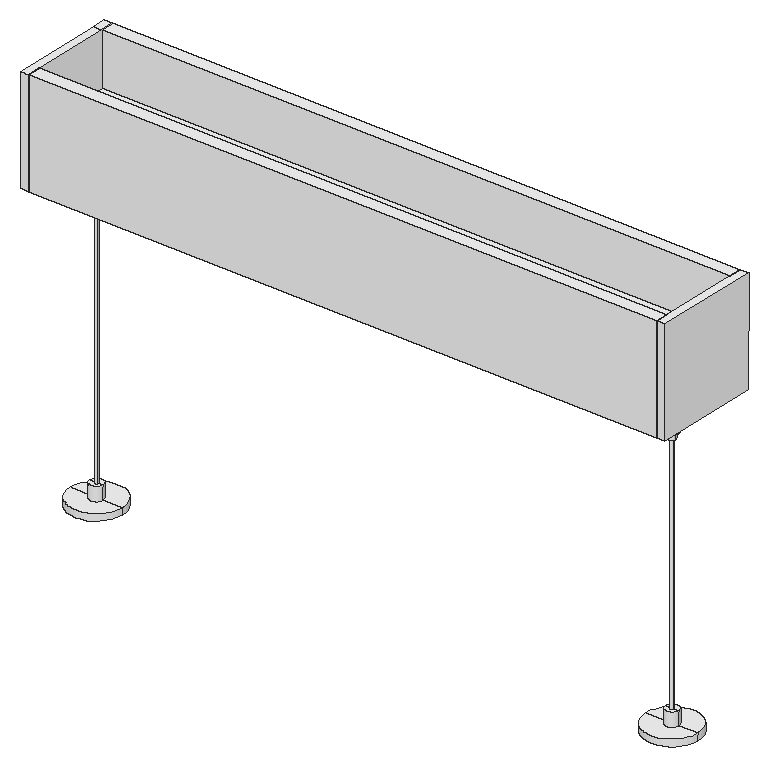
Revit family "75L-P-D", category Lighting Fixtures, host Face, Revit 2021
Family settings
  Host = Face
  Round Connector Dimension = Use Diameter
  Part Type = Normal
  OmniClass Number = 23.80.70.14.21
  OmniClass Title = Street and Roadway Lighting
  Cut with Voids When Loaded = No
  Light Source = Yes
  Shared = Yes
  Room Calculation Point = No
Parameters (values of type "75L-P-D-02")
  zz Length 1 = 24.000"
  Width = 4.000"  # constant formula
  Watts = 25 W
  Wattage Comments = ""
  Wattage = 106.5 W
  built-in parameter 1150110 = 1 (stored number, unit not read)
  Voltage = 120 V
  URL = "https://www.currentlighting.com/litecontrol"
  Type Comments = "Lighting Fixtures"  # constant formula
  built-in parameter 1114217 = 1 (stored number, unit not read)
  Tilt Angle = -90.00°  # constant formula
  built-in parameter 1150109 = 1 (stored number, unit not read)
  built-in parameter 1150134 = (empty or 0)
  built-in parameter 1150113 = 1 (stored number, unit not read)
  Product Page URL = ""
  Product Material = White
  Product Documentation Link = ""
  Power Factor = 1
  Photometric Web Link = ""
  Photometric Web File = "75L-X-D-4-CX-35K-D030-ECC.ies"
  Photometric Note = "More Photometric Web Files dowload in the Web link"  # constant formula
  Model = "Nelo 75L"  # constant formula
  Manufacturer = "LITECONTROL"  # constant formula
  built-in parameter 1150105 = -5126353.4 (stored number, unit not read)
  Lumens = 12247.5 lm
  built-in parameter 1150115 = 1 (stored number, unit not read)
  Load Classification = Lighting
  built-in parameter 1150137 = (empty or 0)
  built-in parameter 1150139 = (empty or 0)
  built-in parameter 1150112 = 1 (stored number, unit not read)
  built-in parameter 1150114 = 1 (stored number, unit not read)
  Lamp = "LED"  # constant formula
  built-in parameter 1150132 = (empty or 0)
  built-in parameter 1150102 = (empty or 0)
  built-in parameter 1150107 = 3107 (stored number, unit not read)
  built-in parameter 1150138 = (empty or 0)
  built-in parameter 1150106 = -51263.5 (stored number, unit not read)
  Glass = Glass - White
  Features = " Variable Intensity technology provides a range of specifiable outputs and \r\nresulting fixture wattages\r\n•  1200 lumens max. See performance data table on page 4 for additional \r\ninformation\r\n•  80 & 90 CRI (30, 35, 40K); Warm Dim (30-22K), Tunable White (27-65K & 27-50K)"  # constant formula
  Emit from Line Length = zz Length 1 - 1.000"  # 23.000"
  built-in parameter 1150104 = 10.684 (stored number, unit not read)
  Dimming Lamp Color Temperature Shift = <None>
  Description = "Open Aperture Recessed Direct"  # constant formula
  Default Elevation = 48.000"
  Cord Length = 10.000"
  Contact Us = ""
  Color Filter = 16777215
  built-in parameter 1114218 = 1 (stored number, unit not read)
  built-in parameter 1150133 = 10 (stored number, unit not read)
  Assembly Code = "D5020200"
  Apparent Load = Watts / Power Factor  # 25 VA
Types (7): name | zz Length 1 | Emit from Line Length
  (no name) | 24.000" | 23.000"
  75L-P-D-02 | 24.000" | 23.000"
  75L-P-D-03 | 36.000" | 35.000"
  75L-P-D-04 | 48.000" | 47.000"
  75L-P-D-05 | 60.000" | 59.000"
  75L-P-D-06 | 72.000" | 71.000"
  75L-P-D-08 | 96.000" | 95.000"
Reference planes (in)
  plane 1 "Center (Front/Back)": y = 0
  plane 2: z = 0
  plane 3 "Center (Left/Right)": x = 0
  plane 4: x = 12
  plane 5: x = -12
  plane 6: y = -2
  plane 7: y = 2
  plane 8: z = 10
  plane 9: z = 11.25
  plane 10: z = 15.25
  plane 11: x = 12.313
  plane 12: x = -12.313
  plane 13: x = -11
  plane 14: x = 11
Forms (in)
  Extrusion 1, solid, material "White" <- "Product Material"
    sketch origin (0, 0, 0) x (0, 1, 0) y (0, 0, 1)
      loop
        line (2, 15.25) -> (1.5, 15.25) -> (1.5, 13.25) -> (-1.5, 13.25) -> (-1.5, 15.25) -> (-2, 15.25) -> (-2, 11.25) -> (2, 11.25) -> (2, 15.25)
    from -12 to 12
  Extrusion 2, solid, material "White" <- "Product Material"
    sketch origin (0, 0, 0) x (0, 1, 0) y (0, 0, 1)
      loop
        line (-2, 15.25) -> (-2, 11.25) -> (2, 11.25) -> (2, 15.25) -> (-2, 15.25)
    from 12 to 12.313
  Extrusion 3, solid, material "White" <- "Product Material"
    sketch origin (0, 0, 0) x (0, 1, 0) y (0, 0, -1)
      loop
        line (-2, -15.25) -> (1.5, -15.25) -> (2, -15.25) -> (2, -11.25) -> (-2, -11.25) -> (-2, -15.25)
    from 12 to 12.313
  Revolve 4, solid, material "White" <- "Product Material"
    sketch origin (0, 0, 0) x (1, 0, 0) y (0, 0, 1)
      loop
        line (11, 11.25) -> (11, 0) -> (12, 0) -> (12, 0.25) -> (11.25, 0.25) -> (11.25, 0.75) -> (11.05622, 0.75) -> (11.05622, 10) -> (11.12699, 10) -> (11.12699, 10.25) -> (11.25, 10.25) -> (11.25, 11.25) -> (11, 11.25)
      axis (11, 11.25) -> (11, 0)
    angle from 0 to 360
  Revolve 5, solid, material "White" <- "Product Material"
    sketch origin (0, 0, 0) x (-1, 0, 0) y (0, 0, -1)
      loop
        line (11, -11.25) -> (11.25, -11.25) -> (11.25, -10.25) -> (11.12699, -10.25) -> (11.12699, -10) -> (11.05622, -10) -> (11.05622, -0.75) -> (11.25, -0.75) -> (11.25, -0.25) -> (12, -0.25) -> (12, 0) -> (11, 0) -> (11, -11.25)
      axis (11, -11.25) -> (11, 0)
    angle from 0 to 360
Dimensions and locks (in)
  "zz Length 1": plane 4 to plane 5
  equal spacing: plane 4, plane 3 "Center (Left/Right)", plane 5
  "Cord Length": plane 8 to plane 2
  plane 9 to plane 8 = 1.250"
  plane 10 to plane 9 = 4.000"
  locked: plane 4 to plane 14 at 1
  locked: plane 11 to plane 4 at 0.313
  locked: plane 13 to plane 5 at 1
  locked: plane 5 to plane 12 at 0.313
  locked: Revolve 4 sketch curve to Revolve 4 sketch curve at 0.25
  locked: Revolve 5 sketch curve to Revolve 5 sketch curve at 0.25
  "Width": plane 7 to plane 6
  equal spacing: plane 7, plane 1 "Center (Front/Back)", plane 6
  aligned and locked: plane 2 to host face
  aligned and locked: level to host face
  aligned and locked: Extrusion 1 to plane 5
  aligned and locked: plane 4 to Extrusion 1
  aligned and locked: plane 11 to Extrusion 2
  aligned and locked: Extrusion 2 to plane 4
  aligned and locked: Revolve 4 sketch curve to plane 14
  aligned and locked: Extrusion 3 to plane 12
  aligned and locked: plane 5 to Extrusion 3
  aligned and locked: Revolve 5 sketch curve to plane 13
Automatic sketch dimensions
  host sketch curve to host sketch curve = 96.000"  (x2)
  Extrusion 2 sketch curve to plane 6 = 0.000"
  Extrusion 2 sketch curve to plane 7 = 0.000"
  Extrusion 2 sketch curve to plane 9 = 0.000"
  Revolve 4 sketch curve to plane 9 = 0.000"
  Revolve 4 sketch curve to plane 14 = 0.000"
  Revolve 4 sketch curve to plane 8 = 0.000"
  Revolve 4 sketch curve to level = 0.000"
  Revolve 4 sketch curve to plane 4 = 0.000"
  plane 14 to Revolve 4 sketch curve = 0.05622"
  Revolve 4 sketch curve to Revolve 4 sketch curve = 0.07078"
  Revolve 4 sketch curve to Revolve 4 sketch curve = 0.19378"
  Revolve 4 sketch curve to Revolve 4 sketch curve = 0.250"
  Revolve 4 sketch curve to Revolve 4 sketch curve = 0.500"
  plane 8 to Revolve 4 sketch curve = 0.250"
  Revolve 4 sketch curve to level = 24.000"
  plane 10 to Revolve 4 sketch curve = 19.42244"
  Revolve 5 sketch curve to plane 9 = 0.000"
  Revolve 5 sketch curve to plane 13 = 0.000"
  Revolve 5 sketch curve to plane 8 = 0.000"
  Revolve 5 sketch curve to level = 0.000"
  Revolve 5 sketch curve to plane 5 = 0.000"
  Revolve 5 sketch curve to plane 13 = 0.05622"
  Revolve 5 sketch curve to Revolve 5 sketch curve = 0.07078"
  Revolve 5 sketch curve to Revolve 5 sketch curve = 0.19378"
  plane 8 to Revolve 5 sketch curve = 0.250"
  level to Revolve 5 sketch curve = 0.750"
  level to Revolve 5 sketch curve = 0.250"
  plane 10 to Revolve 5 sketch curve = 19.42244"
  Revolve 5 sketch curve to Revolve 5 sketch curve = 24.000"
  Extrusion 1 sketch curve to plane 6 = 0.000"
  Extrusion 1 sketch curve to plane 10 = 0.000"  (x2)
  Extrusion 1 sketch curve to plane 7 = 0.000"
  Extrusion 1 sketch curve to plane 9 = 0.000"
  Extrusion 1 sketch curve to plane 6 = 0.500"
  plane 9 to Extrusion 1 sketch curve = 2.000"
  Extrusion 1 sketch curve to Extrusion 1 sketch curve = 0.500"
  Extrusion 2 sketch curve to plane 10 = 0.000"
  Extrusion 3 sketch curve to plane 6 = 0.000"
  Extrusion 3 sketch curve to plane 10 = 0.000"
  Extrusion 3 sketch curve to plane 7 = 0.000"
  Extrusion 3 sketch curve to plane 9 = 0.000"
  Extrusion 3 sketch curve to Extrusion 3 sketch curve = 0.500"
Connectors (in)
  electrical at (11, 0, 0), driven by "Power Factor", driven by "Apparent Load", driven by "Voltage", driven by "Load Classification"
    settings: on Revolve 4, index 1, voltage 120 V, apparent load 25 VA, apparent load phase1 0 VA, apparent load phase2 0 VA, apparent load phase3 0 VA, power factor 1, load classification "Lighting", number of poles 1, system type 30, power factor state 1, is connector primary yes, connector utility no, sub classification motor no, connector description "Lighting Connector"
